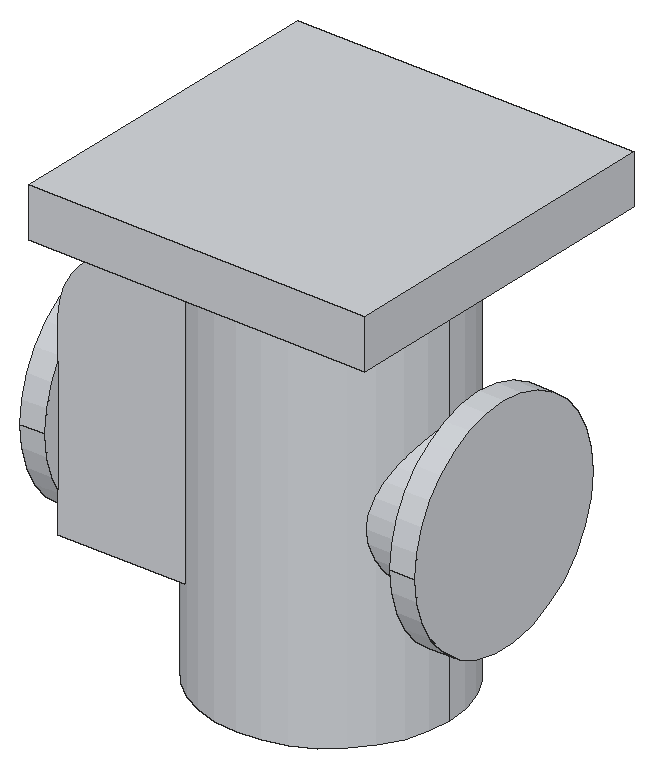
Revit family "M_Filtro cesto - 50-300 mm - Flange", category Acessórios do tubo, Revit 2019
Family settings
  Cota do conector redondo = Usar raio
  Tipo de parte = Quebra em
  Número OmniClass = 23.65.55.14
  Título OmniClass = Valves for Liquid Services
  ID de item do Seek = Basket Strainer - 50-300 mm - Flanged-0000-CAN-ENU
  Com base no plano de trabalho = Não
  Sempre na vertical = Sim
  Corte com vazios quando carregada = Não
  Compartilhado = Não
Parameters (values of type "50 mm")
  Largura 1 = 0.8 * Diâmetro do cesto  # 97.44 mm
  Material do filtro = none
  Comprimento do filtro = 203 mm
  Raio 1 = 0.2 * Comprimento do filtro  # 40.6 mm
  Diâmetro externo = 1.5 * Diâmetro nominal  # 75 mm
  Raio nominal = 25 mm
  Diâmetro nominal = Raio nominal * 2  # 50 mm
  K Coefficient = 4.59
  Altura 1 = Diâmetro nominal * 2  # 100 mm
  Comprimento de meio filtro = 0.5 * Comprimento do filtro  # 101.5 mm
  Largura da flange = Diâmetro do cesto + 51 mm  # 172.8 mm
  Raio da flange = 0.5 * Diâmetro da flange  # 57.15 mm
  Comprimento da flange = Largura da flange  # 172.8 mm
  Diâmetro da flange = 114.3 mm
  C1 Deslocamento 2 = 100 mm
  C1 Deslocamento 1 = 133 mm
  Diâmetro do cesto = 0.6 * Comprimento do filtro  # 121.8 mm
  Assembly Code = ""
Types (9, lengths in mm): name | Largura 1 | Comprimento do filtro | Raio 1 | Diâmetro externo | Raio nominal | Diâmetro nominal | K Coefficient | Altura 1 | Comprimento de meio filtro | Largura da flange | Raio da flange | Comprimento da flange | Diâmetro da flange | C1 Deslocamento 2 | C1 Deslocamento 1 | Diâmetro do cesto
  50 mm | 97.44 | 203 | 40.6 | 75 | 25 | 50 | 4.59 | 100 | 101.5 | 172.8 | 57.15 | 172.8 | 114.3 | 100 | 133 | 121.8
  65 mm | 109.92 | 229 | 45.8 | 97.5 | 32.5 | 65 | 4.44 | 130 | 114.5 | 188.4 | 71.45 | 188.4 | 142.9 | 102 | 152 | 137.4
  80 mm | 121.92 | 254 | 50.8 | 120 | 40 | 80 | 4.74 | 160 | 127 | 203.4 | 85.75 | 203.4 | 171.5 | 127 | 178 | 152.4
  100 mm | 161.76 | 337 | 67.4 | 150 | 50 | 100 | 5.23 | 200 | 168.5 | 253.2 | 114.3 | 253.2 | 228.6 | 172 | 241 | 202.2
  125 mm | 202.56 | 422 | 84.4 | 187.5 | 62.5 | 125 | 9.19 | 250 | 211 | 304.2 | 142.9 | 304.2 | 285.8 | 251 | 305 | 253.2
  150 mm | 207.36 | 432 | 86.4 | 225 | 75 | 150 | 19.7 | 300 | 216 | 310.2 | 171.45 | 310.2 | 342.9 | 251 | 305 | 259.2
  200 mm | 271.2 | 565 | 113 | 300 | 100 | 200 | 14.46 | 400 | 282.5 | 390 | 228.6 | 390 | 457.2 | 349 | 356 | 339
  250 mm | 313.92 | 654 | 130.8 | 375 | 125 | 250 | 12.64 | 500 | 327 | 443.4 | 285.75 | 443.4 | 571.5 | 432 | 457 | 392.4
  300 mm | 361.92 | 754 | 150.8 | 450 | 150 | 300 | 9.78 | 600 | 377 | 503.4 | 342.9 | 503.4 | 685.8 | 524 | 533 | 452.4
Reference planes
  plane 1 "Centro (Frente/Trás)": y = 0
  plane 2: z = 0
  plane 3 "Centro (Esquerda/Direita)": x = 0
  plane 4: x = -60.9
  plane 5: x = 60.9
  plane 6: z = 37.5
  plane 7: z = -37.5
  plane 8: z = -100
  plane 9: z = 133
  plane 10: z = 107.6
  plane 11: x = -86.4
  plane 12: x = 86.4
  plane 13: x = 88.8
  plane 14: z = 71.437
  plane 15: z = -71.438
  plane 16: z = -50
  plane 17: z = 50
  plane 18: x = -101.5
  plane 19: x = -114.2
  plane 20: z = 90.6
  plane 21: y = 48.72
  plane 22: y = -48.72
  plane 23: x = 76.1
  plane 24: y = 21.728
  plane 25: y = -86.4
  plane 26: y = 86.4
  plane 27: y = 57.15
  plane 28: y = -57.15
  plane 29: x = -12.7
  plane 30: y = 82.55
Forms (mm)
  Revolve 1, solid, material <- "Material do filtro", detail levels fine
    sketch origin (0, 0, 0) x (1, 0, 0) y (0, 0, 1)
      loop
        line (-60.9, 107.6) -> (-60.9, -100) -> (0, -100) -> (0, 107.6) -> (-60.9, 107.6)
      axis (0, 107.6) -> (0, -100)
    angle from 0 to 360
  Extrusion 2, solid, material <- "Material do filtro", detail levels fine
    sketch origin (0, 0, 0) x (1, 0, 0) y (0, 0, 1)
      loop
        line (-101.5, 50) -> (0, 50) -> (0, 90.6) -> (-60.9, 90.6)
        arc (-60.9, 90.6) -> (-89.609, 78.709) -> (-101.5, 50) r 40.6
    from -48.72 to 48.72
  Extrusion 3, solid, material <- "Material do filtro", detail levels fine
    sketch origin (0, 0, 0) x (1, 0, 0) y (0, 0, 1)
      loop
        line (-101.5, 50) -> (-101.5, -50) -> (0, -50) -> (0, 50) -> (-101.5, 50)
    from -48.72 to 48.72
  Revolve 4, solid, material <- "Material do filtro", detail levels fine
    sketch origin (0, 0, 0) x (1, 0, 0) y (0, 0, 1)
      loop
        line (0, 37.5) -> (0, 0) -> (76.1, 0) -> (76.1, 37.5) -> (0, 37.5)
      axis (0, 0) -> (76.1, 0)
    angle from 0 to 360
  Extrusion 5, solid, material <- "Material do filtro", detail levels fine
    sketch origin (0, 0, 0) x (0, 1, 0) y (0, 0, 1)
      loop
        circle (0, 0) r 57.15
    from 76.1 to 88.8
  Extrusion 6, solid, material <- "Material do filtro", detail levels fine
    sketch origin (0, 0, 0) x (0, 1, 0) y (0, 0, 1)
      loop
        circle (0, 0) r 57.15
    from -101.5 to -114.2
  Extrusion 7, solid, material <- "Material do filtro", detail levels fine
    sketch origin (0, 0, 0) x (1, 0, 0) y (0, 0, 1)
      loop
        line (-86.4, 133) -> (-86.4, 107.6) -> (86.3, 107.6) -> (86.3, 133) -> (-86.4, 133)
    from -86.4 to 86.4
Cuts and joins
  joined: Revolve 1, Extrusion 2, Extrusion 3, Revolve 4, Extrusion 5, Extrusion 7
Lines and regions (mm)
  model lines, detail levels coarse+medium
    curve 1: line (-114.2, 57.15, 0) -> (88.8, 57.15, 0)
    curve 2: line (-114.2, 57.15, 0) -> (-114.2, -57.15, 0)
    curve 3: line (88.8, 57.15, 0) -> (88.8, -57.15, 0)
    curve 4: arc (-114.2, -57.15, 0) -> (-12.7, -158.65, 0) -> (88.8, -57.15, 0) r 101.5
    curve 5: line (-12.7, 57.15, 0) -> (-12.7, 82.55, 0)
    curve 6: line (-114.2, 82.55, 0) -> (88.8, 82.55, 0)
Dimensions and locks
  equal spacing: plane 5, plane 3 "Centro (Esquerda/Direita)", plane 4
  "Diâmetro do cesto": plane 5 to plane 4
  equal spacing: plane 6, plane 2, plane 7
  "Diâmetro externo": plane 6 to plane 7
  "C1 Deslocamento 2": plane 2 to plane 8
  "C1 Deslocamento 1": plane 9 to plane 2
  locked: plane 9 to plane 10 at 25.4
  equal spacing: plane 12, plane 3 "Centro (Esquerda/Direita)", plane 11
  "Comprimento da flange": plane 12 to plane 11
  equal spacing: plane 17, plane 2, plane 16
  "Altura 1": plane 17 to plane 16
  "Raio 1": plane 4 to plane 18
  locked: plane 18 to plane 19 at 12.7
  "Raio 1": plane 20 to plane 17
  equal spacing: plane 21, plane 1 "Centro (Frente/Trás)", plane 22
  "Largura 1": plane 21 to plane 22
  "Comprimento do filtro": plane 13 to plane 19
  locked: plane 13 to plane 23 at 12.7
  equal spacing: plane 26, plane 1 "Centro (Frente/Trás)", plane 25
  "Largura da flange": plane 26 to plane 25
  equal spacing: plane 28, plane 1 "Centro (Frente/Trás)", plane 27
  "Diâmetro da flange": plane 28 to plane 27
  equal spacing: plane 19, plane 29, plane 13
  locked: plane 30 to plane 27 at 25.4
  "Raio 1": radius of Extrusion 2 sketch curve
  "Raio da flange": radius of Extrusion 5 sketch curve
  "Raio da flange": radius of Extrusion 6 sketch curve
  "Comprimento de meio filtro": radius of curve 4
  aligned and locked: Revolve 1 sketch curve to plane 10
  aligned and locked: Revolve 1 sketch curve to plane 3 "Centro (Esquerda/Direita)"
  aligned and locked: plane 4 to Revolve 1 sketch curve
  aligned and locked: plane 8 to Revolve 1 sketch curve
  aligned and locked: plane 17 to Extrusion 2 sketch curve  (x2)
  aligned and locked: plane 4 to Extrusion 2 sketch curve
  aligned and locked: Extrusion 2 sketch curve to plane 20
  aligned and locked: plane 3 "Centro (Esquerda/Direita)" to Extrusion 2 sketch curve
  aligned and locked: plane 17 to Extrusion 3 sketch curve
  aligned and locked: plane 18 to Extrusion 3 sketch curve
  aligned and locked: Extrusion 3 sketch curve to plane 16
  aligned and locked: Extrusion 3 sketch curve to plane 3 "Centro (Esquerda/Direita)"
  aligned and locked: plane 21 to Extrusion 2
  aligned and locked: plane 22 to Extrusion 2
  aligned and locked: plane 21 to Extrusion 3
  aligned and locked: plane 22 to Extrusion 3
  aligned and locked: plane 3 "Centro (Esquerda/Direita)" to Revolve 4 sketch curve
  aligned and locked: Revolve 4 sketch curve to plane 6
  aligned and locked: plane 2 to Revolve 4 sketch curve
  aligned and locked: Revolve 4 sketch curve to plane 23
  aligned and locked: plane 2 to Extrusion 5 sketch curve
  aligned and locked: plane 1 "Centro (Frente/Trás)" to Extrusion 5 sketch curve
  aligned and locked: plane 13 to Extrusion 5  (x2)
  aligned and locked: plane 2 to Extrusion 6 sketch curve
  aligned and locked: plane 1 "Centro (Frente/Trás)" to Extrusion 6 sketch curve
  aligned and locked: Extrusion 6 to plane 18
  aligned and locked: Extrusion 6 to plane 19
  aligned and locked: Extrusion 7 sketch curve to plane 9
  aligned and locked: plane 11 to Extrusion 7 sketch curve
  aligned and locked: plane 10 to Extrusion 7 sketch curve
  aligned and locked: plane 26 to Extrusion 7
  aligned and locked: Extrusion 7 to plane 25
  aligned and locked: Extrusion 5 to plane 23
  aligned and locked: plane 19 to curve 1
  aligned and locked: plane 28 to curve 2
  aligned and locked: plane 27 to curve 2
  aligned and locked: curve 3 to plane 13
  aligned and locked: plane 28 to curve 3
  aligned and locked: plane 29 to curve 5
  aligned and locked: plane 27 to curve 5
  aligned and locked: plane 30 to curve 5
  aligned and locked: curve 6 to plane 30
  aligned and locked: plane 19 to curve 6
  aligned and locked: plane 13 to curve 6
Automatic sketch dimensions
  Revolve 1 sketch curve to plane 3 "Centro (Esquerda/Direita)" = 0 mm
  Revolve 1 sketch curve to plane 8 = 508 mm
  plane 9 to Revolve 1 sketch curve = 2456.658 mm
  Revolve 4 sketch curve to level = 0 mm
  plane 13 to Revolve 4 sketch curve = 1532.773 mm
  Extrusion 7 sketch curve to plane 5 = 25.4 mm
  Revolve 4 sketch curve to plane 19 = 1409.7 mm
Connectors
  piping at (-114.2, 0, 0), diameter 50, driven by "Raio nominal"
    settings: on Extrusion 6, index 1, connector inside diameter 50 mm, connector length 0 mm, flow factor 0, pipe flow 0.0 L/s, pressure drop 0.0 Pa, fitting loss kfactor 0, connector angle 0.00°, fixture units 0, engagement length 0 mm, angle of deflection 0.00°, flow configuration 0, flow direction 0, fitting loss method 2, system type 29, joint type 0, gender type 0, connector reference index 2, connector utility 0, adjustable connector no, is connector primary yes, connector description "In"
  piping at (88.8, 0, 0), diameter 50, driven by "Raio nominal", driven by "K Coefficient"
    settings: on Extrusion 5, index 2, connector inside diameter 50 mm, connector length 0 mm, flow factor 0, pipe flow 0.0 L/s, pressure drop 0.0 Pa, fitting loss kfactor 4.59, connector angle 0.00°, fixture units 0, engagement length 0 mm, angle of deflection 0.00°, flow configuration 0, flow direction 0, fitting loss method 2, system type 29, joint type 0, gender type 0, connector reference index 1, connector utility 0, adjustable connector no, is connector primary no, connector description "Saída"
